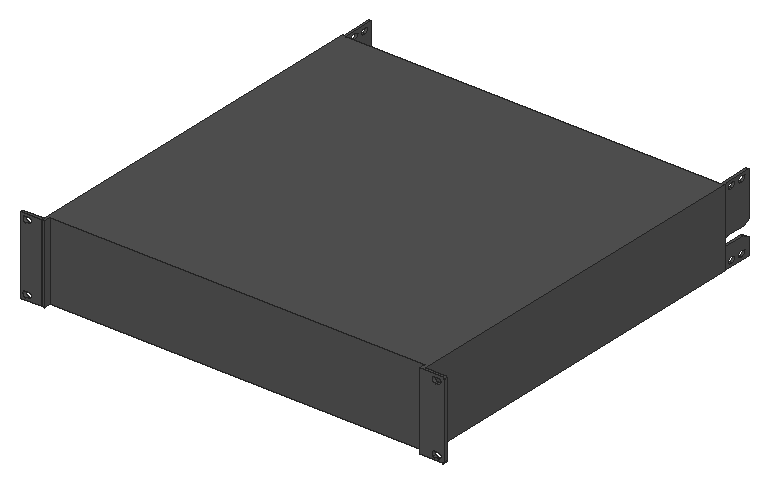
Revit family "D series - 2u", category Communication Devices, Revit 2020
Family settings
  Maintain Annotation Orientation = No
  Round Connector Dimension = Use Diameter
  Part Type = Normal
  Work Plane-Based = No
  Always vertical = Yes
  Cut with Voids When Loaded = No
  Shared = No
  Room Calculation Point = No
Parameters
  Weight (kg) [instance] = 16.5  # constant formula
  Voltage [instance] = "100-240VAC"  # constant formula
  Thermal Load in Standby (BTU/hr) [instance] = 61  # constant formula
  Thermal Load Max (BTU/hr) [instance] = 6245  # constant formula
  Model = "D200:4L, D120:4L, D80:4L"
  Manufacturer = "Lab Gruppen"
  Default Elevation = 0 mm
  Current Draw (Max) [instance] = 30  # constant formula
Reference planes
  plane 1 "Center (Front/Back)": y = 0
  plane 2: z = 0
  plane 3 "Center (Left/Right)": x = 0
Forms (mm)
  Extrusion 1, solid, material "Aluminium, Black"
    sketch origin (0, 0, 0) x (1, 0, 0) y (0, 0, 1)
      loop
        line (217.3, 0) -> (217.3, 88) -> (-217.3, 88) -> (-217.3, 0) -> (217.3, 0)
    from 3 to -425.4
  Extrusion 2, solid, material "Aluminium, Black"
    sketch origin (0, 0, 0) x (1, 0, 0) y (0, 0, 1)
      loop
        line (217.3, 0) -> (239.3, 0)
        arc (239.3, 0) -> (240.714, 0.586) -> (241.3, 2) r 2
        line (241.3, 2) -> (241.3, 86)
        arc (241.3, 86) -> (240.714, 87.414) -> (239.3, 88) r 2
        line (239.3, 88) -> (217.3, 88) -> (217.3, 0)
    from 0 to 3
  Extrusion 3, void
    sketch origin (0, 0, 0) x (1, 0, 0) y (0, 0, 1)
      loop
        arc (231.4, 85.6) -> (227.9, 82.1) -> (231.4, 78.6) r 3.5
        line (231.4, 78.6) -> (234.4, 78.6)
        arc (234.4, 78.6) -> (237.9, 82.1) -> (234.4, 85.6) r 3.5
        line (234.4, 85.6) -> (231.4, 85.6)
    from 0 to 3
  Extrusion 4, void
    sketch origin (0, 0, 0) x (1, 0, 0) y (0, 0, 1)
      loop
        arc (231.4, 9.4) -> (227.9, 5.9) -> (231.4, 2.4) r 3.5
        line (231.4, 2.4) -> (234.4, 2.4)
        arc (234.4, 2.4) -> (237.9, 5.9) -> (234.4, 9.4) r 3.5
        line (234.4, 9.4) -> (231.4, 9.4)
    from 0 to 3
  Extrusion 5, solid, material "Aluminium, Black"
    sketch origin (0, 0, 0) x (-1, 0, 0) y (0, 0, -1)
      loop
        line (217.3, 0) -> (217.3, -88) -> (239.3, -88)
        arc (239.3, -88) -> (240.714, -87.414) -> (241.3, -86) r 2
        line (241.3, -86) -> (241.3, -2)
        arc (241.3, -2) -> (240.714, -0.586) -> (239.3, 0) r 2
        line (239.3, 0) -> (217.3, 0)
    from 0 to 3
  Extrusion 6, void
    sketch origin (0, 0, 0) x (-1, 0, 0) y (0, 0, -1)
      loop
        line (231.4, -85.6) -> (234.4, -85.6)
        arc (234.4, -85.6) -> (237.9, -82.1) -> (234.4, -78.6) r 3.5
        line (234.4, -78.6) -> (231.4, -78.6)
        arc (231.4, -78.6) -> (227.9, -82.1) -> (231.4, -85.6) r 3.5
    from 0 to 3
  Extrusion 7, void
    sketch origin (0, 0, 0) x (-1, 0, 0) y (0, 0, -1)
      loop
        line (231.4, -9.4) -> (234.4, -9.4)
        arc (234.4, -9.4) -> (237.9, -5.9) -> (234.4, -2.4) r 3.5
        line (234.4, -2.4) -> (231.4, -2.4)
        arc (231.4, -2.4) -> (227.9, -5.9) -> (231.4, -9.4) r 3.5
    from 0 to 3
  Extrusion 8, solid, material "Aluminium, Black"
    sketch origin (-1.3, 0, 0) x (1, 0, 0) y (0, 0, 1)
      loop
        line (217.3, 0) -> (217.3, 88) -> (214.5, 88) -> (214.5, 0) -> (217.3, 0)
    from -425.4 to -460.7
  Extrusion 9, solid, material "Aluminium, Black"
    sketch origin (1.3, 0, 0) x (-1, 0, 0) y (0, 0, -1)
      loop
        line (217.3, 0) -> (214.5, 0) -> (214.5, -88) -> (217.3, -88) -> (217.3, 0)
    from -425.4 to -460.7
  Extrusion 10, void
    sketch origin (0, 0, 0) x (1, 0, 0) y (0, 0, 1)
      loop
        line (213, 0) -> (213, 88) -> (-213, 88) -> (-213, 0) -> (213, 0)
    from 3 to -4.2
  Extrusion 11, void
    sketch origin (217.3, -3, 88) x (0, 0, -1) y (0, 1, 0)
      loop
        arc (2.4, 452.7) -> (5.9, 449.2) -> (9.4, 452.7) r 3.5
        line (9.4, 452.7) -> (9.4, 455.7)
        arc (9.4, 455.7) -> (5.9, 459.2) -> (2.4, 455.7) r 3.5
        line (2.4, 455.7) -> (2.4, 452.7)
    from -1.3 to -4.1
  Extrusion 12, void
    sketch origin (217.3, -3, 88) x (0, 0, -1) y (0, 1, 0)
      loop
        arc (2.4, 438.2) -> (5.9, 434.7) -> (9.4, 438.2) r 3.5
        line (9.4, 438.2) -> (9.4, 441.2)
        arc (9.4, 441.2) -> (5.9, 444.7) -> (2.4, 441.2) r 3.5
        line (2.4, 441.2) -> (2.4, 438.2)
    from -1.3 to -4.1
  Extrusion 13, void
    sketch origin (217.3, -3, 88) x (0, 0, -1) y (0, 1, 0)
      loop
        arc (78.6, 452.7) -> (82.1, 449.2) -> (85.6, 452.7) r 3.5
        line (85.6, 452.7) -> (85.6, 455.7)
        arc (85.6, 455.7) -> (82.1, 459.2) -> (78.6, 455.7) r 3.5
        line (78.6, 455.7) -> (78.6, 452.7)
    from -1.3 to -4.1
  Extrusion 14, void
    sketch origin (217.3, -3, 88) x (0, 0, -1) y (0, 1, 0)
      loop
        arc (78.6, 438.2) -> (82.1, 434.7) -> (85.6, 438.2) r 3.5
        line (85.6, 438.2) -> (85.6, 441.2)
        arc (85.6, 441.2) -> (82.1, 444.7) -> (78.6, 441.2) r 3.5
        line (78.6, 441.2) -> (78.6, 438.2)
    from -1.3 to -4.1
  Extrusion 15, void
    sketch origin (217.3, -3, 88) x (0, 0, -1) y (0, 1, 0)
      loop
        line (69.241, 463.7) -> (50.758, 463.7) -> (54.8, 456.7) -> (54.8, 433.7)
        arc (54.8, 433.7) -> (60, 428.5) -> (65.2, 433.7) r 5.2
        line (65.2, 433.7) -> (65.2, 456.7) -> (69.241, 463.7)
    from -1.3 to -4.1
  Extrusion 16, void
    sketch origin (-217.3, -3, 0) x (0, 0, 1) y (0, 1, 0)
      loop
        arc (85.6, 455.7) -> (82.1, 459.2) -> (78.6, 455.7) r 3.5
        line (78.6, 455.7) -> (78.6, 452.7)
        arc (78.6, 452.7) -> (82.1, 449.2) -> (85.6, 452.7) r 3.5
        line (85.6, 452.7) -> (85.6, 455.7)
    from -1.3 to -4.1
  Extrusion 17, void
    sketch origin (-217.3, -3, 0) x (0, 0, 1) y (0, 1, 0)
      loop
        arc (85.6, 441.2) -> (82.1, 444.7) -> (78.6, 441.2) r 3.5
        line (78.6, 441.2) -> (78.6, 438.2)
        arc (78.6, 438.2) -> (82.1, 434.7) -> (85.6, 438.2) r 3.5
        line (85.6, 438.2) -> (85.6, 441.2)
    from -1.3 to -4.1
  Extrusion 18, void
    sketch origin (-217.3, -3, 0) x (0, 0, 1) y (0, 1, 0)
      loop
        arc (9.4, 455.7) -> (5.9, 459.2) -> (2.4, 455.7) r 3.5
        line (2.4, 455.7) -> (2.4, 452.7)
        arc (2.4, 452.7) -> (5.9, 449.2) -> (9.4, 452.7) r 3.5
        line (9.4, 452.7) -> (9.4, 455.7)
    from -1.3 to -4.1
  Extrusion 19, void
    sketch origin (-217.3, -3, 0) x (0, 0, 1) y (0, 1, 0)
      loop
        arc (9.4, 441.2) -> (5.9, 444.7) -> (2.4, 441.2) r 3.5
        line (2.4, 441.2) -> (2.4, 438.2)
        arc (2.4, 438.2) -> (5.9, 434.7) -> (9.4, 438.2) r 3.5
        line (9.4, 438.2) -> (9.4, 441.2)
    from -1.3 to -4.1
  Extrusion 20, void
    sketch origin (-217.3, -3, 0) x (0, 0, 1) y (0, 1, 0)
      loop
        line (37.241, 463.7) -> (18.758, 463.7) -> (22.8, 456.7) -> (22.8, 433.7)
        arc (22.8, 433.7) -> (28, 428.5) -> (33.2, 433.7) r 5.2
        line (33.2, 433.7) -> (33.2, 456.7) -> (37.241, 463.7)
    from -1.3 to -4.1
Cuts and joins
  Extrusion 10, Extrusion 11, Extrusion 12, Extrusion 13, Extrusion 14, Extrusion 15, Extrusion 16, Extrusion 17, Extrusion 18, Extrusion 19, Extrusion 20 cuts Extrusion 1
  Extrusion 3, Extrusion 4, Extrusion 6, Extrusion 7, Extrusion 10, Extrusion 11, Extrusion 12, Extrusion 13, Extrusion 14, Extrusion 15, Extrusion 16, Extrusion 17, Extrusion 18, Extrusion 19, Extrusion 20 cuts Extrusion 2
  Extrusion 10, Extrusion 11, Extrusion 12, Extrusion 13, Extrusion 14, Extrusion 15, Extrusion 16, Extrusion 17, Extrusion 18, Extrusion 19, Extrusion 20 cuts Extrusion 8
  Extrusion 10, Extrusion 11, Extrusion 12, Extrusion 13, Extrusion 14, Extrusion 15, Extrusion 16, Extrusion 17, Extrusion 18, Extrusion 19, Extrusion 20 cuts Extrusion 9
  joined: Extrusion 1, Extrusion 2, Extrusion 8, Extrusion 9
  Extrusion 6, Extrusion 7, Extrusion 10, Extrusion 11, Extrusion 12, Extrusion 13, Extrusion 14, Extrusion 15, Extrusion 16, Extrusion 17, Extrusion 18, Extrusion 19, Extrusion 20 cuts Extrusion 5
Lines and regions (mm)
  Split face 1
    outline origin (213, 4.2, 0) x (0, 0, 1) y (-1, 0, 0)
      loop
        line (60.75, 426) -> (60.75, 419.8)
        arc (60.75, 419.8) -> (58.905, 415.345) -> (54.45, 413.5) r 6.3
        line (54.45, 413.5) -> (33.55, 413.5)
        arc (33.55, 413.5) -> (29.095, 415.345) -> (27.25, 419.8) r 6.3
        line (27.25, 419.8) -> (27.25, 426)
  Split face 2
    outline origin (213, 4.2, 0) x (0, 0, 1) y (-1, 0, 0)
      loop
        line (27.25, 0) -> (27.25, 6.2)
        arc (27.25, 6.2) -> (29.095, 10.655) -> (33.55, 12.5) r 6.3
        line (33.55, 12.5) -> (54.45, 12.5)
        arc (54.45, 12.5) -> (58.905, 10.655) -> (60.75, 6.2) r 6.3
        line (60.75, 6.2) -> (60.75, 0)
  Split face 3
    outline origin (213, 4.2, 0) x (0, 0, 1) y (-1, 0, 0)
      loop
        arc (60.75, 274.966) -> (58.97, 279.54) -> (54.45, 281.45) r 6.303
        line (54.45, 281.45) -> (33.55, 281.45)
        arc (33.55, 281.45) -> (29.095, 279.605) -> (27.25, 275.15) r 6.3
        line (27.25, 275.15) -> (27.25, 150.85)
        arc (27.25, 150.85) -> (29.095, 146.395) -> (33.55, 144.55) r 6.3
        line (33.55, 144.55) -> (54.45, 144.55)
        arc (54.45, 144.55) -> (58.905, 146.395) -> (60.75, 150.85) r 6.3
        line (60.75, 150.85) -> (60.75, 274.966)
  Split face 4
    outline origin (213, 4.2, 0) x (0, 0, 1) y (-1, 0, 0)
      loop
        arc (54.3, 147.7) -> (56.633, 148.666) -> (57.6, 151) r 3.3
        line (57.6, 151) -> (57.6, 274.966)
        arc (57.6, 274.966) -> (56.645, 277.322) -> (54.3, 278.3) r 3.3
        line (54.3, 278.3) -> (33.7, 278.3)
        arc (33.7, 278.3) -> (31.366, 277.333) -> (30.4, 275) r 3.3
        line (30.4, 275) -> (30.4, 151)
        arc (30.4, 151) -> (31.366, 148.666) -> (33.7, 147.7) r 3.3
        line (33.7, 147.7) -> (54.3, 147.7)
  Split face 5
    outline origin (213, 4.2, 0.2) x (0, 0, 1) y (-1, 0, 0)
      loop
        arc (41.284, 264.5) -> (40.351, 266.751) -> (38.1, 267.684) r 3.184
        line (38.1, 267.684) -> (33.6, 267.684)
        arc (33.6, 267.684) -> (31.349, 266.751) -> (30.416, 264.5) r 3.184
        line (30.416, 264.5) -> (30.416, 257.5)
        arc (30.416, 257.5) -> (31.349, 255.249) -> (33.6, 254.316) r 3.184
        line (33.6, 254.316) -> (38.1, 254.316)
        arc (38.1, 254.316) -> (40.351, 255.249) -> (41.284, 257.5) r 3.184
        line (41.284, 257.5) -> (41.284, 264.5)
  Split face 6
    outline origin (213, 4.2, 0.2) x (0, 0, 1) y (-1, 0, 0)
      loop
        arc (33.6, 242.684) -> (31.349, 241.751) -> (30.416, 239.5) r 3.184
        line (30.416, 239.5) -> (30.416, 232.5)
        arc (30.416, 232.5) -> (31.349, 230.249) -> (33.6, 229.316) r 3.184
        line (33.6, 229.316) -> (38.1, 229.316)
        arc (38.1, 229.316) -> (40.351, 230.249) -> (41.284, 232.5) r 3.184
        line (41.284, 232.5) -> (41.284, 239.5)
        arc (41.284, 239.5) -> (40.351, 241.751) -> (38.1, 242.684) r 3.184
        line (38.1, 242.684) -> (33.6, 242.684)
  Split face 7
    outline origin (213, 4.2, 0.2) x (0, 0, 1) y (-1, 0, 0)
      loop
        arc (33.6, 223.684) -> (31.349, 222.751) -> (30.416, 220.5) r 3.184
        line (30.416, 220.5) -> (30.416, 213.5)
        arc (30.416, 213.5) -> (31.349, 211.249) -> (33.6, 210.316) r 3.184
        line (33.6, 210.316) -> (38.1, 210.316)
        arc (38.1, 210.316) -> (40.351, 211.249) -> (41.284, 213.5) r 3.184
        line (41.284, 213.5) -> (41.284, 220.5)
        arc (41.284, 220.5) -> (40.351, 222.751) -> (38.1, 223.684) r 3.184
        line (38.1, 223.684) -> (33.6, 223.684)
  Split face 8
    outline origin (213, 4.2, 0.2) x (0, 0, 1) y (-1, 0, 0)
      loop
        arc (33.6, 204.684) -> (31.349, 203.751) -> (30.416, 201.5) r 3.184
        line (30.416, 201.5) -> (30.416, 194.5)
        arc (30.416, 194.5) -> (31.349, 192.249) -> (33.6, 191.316) r 3.184
        line (33.6, 191.316) -> (38.1, 191.316)
        arc (38.1, 191.316) -> (40.351, 192.249) -> (41.284, 194.5) r 3.184
        line (41.284, 194.5) -> (41.284, 201.5)
        arc (41.284, 201.5) -> (40.351, 203.751) -> (38.1, 204.684) r 3.184
        line (38.1, 204.684) -> (33.6, 204.684)
  Split face 9
    outline origin (213, 4.2, 0.2) x (0, 0, 1) y (-1, 0, 0)
      loop
        arc (33.6, 185.684) -> (31.338, 184.757) -> (30.4, 182.5) r 3.184
        line (30.4, 182.5) -> (30.4, 175.5)
        arc (30.4, 175.5) -> (31.343, 173.248) -> (33.6, 172.316) r 3.2
        line (33.6, 172.316) -> (38.1, 172.316)
        arc (38.1, 172.316) -> (40.351, 173.249) -> (41.284, 175.5) r 3.184
        line (41.284, 175.5) -> (41.284, 182.5)
        arc (41.284, 182.5) -> (40.351, 184.751) -> (38.1, 185.684) r 3.184
        line (38.1, 185.684) -> (33.6, 185.684)
  Split face 10
    outline origin (213, 4.2, 0) x (0, 0, 1) y (-1, 0, 0)
      loop
        arc (33.843, 161.367) -> (31.581, 160.441) -> (30.643, 158.184) r 3.184
        line (30.643, 158.184) -> (30.643, 151.184)
        arc (30.643, 151.184) -> (31.586, 148.931) -> (33.843, 148) r 3.2
        line (33.843, 148) -> (38.343, 148)
        arc (38.343, 148) -> (40.594, 148.932) -> (41.527, 151.183) r 3.184
        line (41.527, 151.183) -> (41.527, 158.184)
        arc (41.527, 158.184) -> (40.594, 160.435) -> (38.343, 161.367) r 3.184
        line (38.343, 161.367) -> (33.843, 161.367)
  Split face 11
    outline origin (213, 4.2, 0) x (0, 0, 1) y (-1, 0, 0)
      loop
        line (88, 408) -> (0, 408)
  Split face 12
    outline origin (213, 4.2, 0) x (0, 0, 1) y (-1, 0, 0)
      loop
        line (88, 18) -> (0, 18)
  Split face 13
    outline origin (213, 4.2, 0) x (0, 0, 1) y (-1, 0, 0)
      loop
        line (49.9, 323) -> (49.9, 378.4) -> (38.1, 378.4) -> (38.1, 323) -> (49.9, 323)
  Split face 14
    outline origin (213, 4.2, 0) x (0, 0, 1) y (-1, 0, 0)
      loop
        line (49.9, 47.6) -> (49.9, 103.132) -> (38.1, 103.132) -> (38.1, 47.6) -> (49.9, 47.6)
  Split face 15
    outline origin (213, 4.2, 0) x (0, 0, 1) y (-1, 0, 0)
      loop
        line (64.018, 132.6) -> (64.018, 293.446) -> (24.018, 293.446) -> (24.018, 132.6) -> (64.018, 132.6)
  Split face 16
    outline origin (216, 425.4, 0) x (-1, 0, 0) y (0, 0, 1)
      loop
        line (10.149, 10.201) -> (14.149, 10.201) -> (14.149, 40.201) -> (10.149, 40.201) -> (10.149, 10.201)
  Split face 17
    outline origin (216, 425.4, 0) x (-1, 0, 0) y (0, 0, 1)
      loop
        line (15.899, 10.201) -> (19.899, 10.201) -> (19.899, 40.201) -> (15.899, 40.201) -> (15.899, 10.201)
  Split face 18
    outline origin (216, 425.4, 0) x (-1, 0, 0) y (0, 0, 1)
      loop
        line (21.649, 10.201) -> (25.649, 10.201) -> (25.649, 37.701) -> (21.649, 37.701) -> (21.649, 10.201)
  Split face 19
    outline origin (216, 425.4, 0) x (-1, 0, 0) y (0, 0, 1)
      loop
        line (27.399, 10.201) -> (31.399, 10.201) -> (31.399, 40.201) -> (27.399, 40.201) -> (27.399, 10.201)
  Split face 20
    outline origin (216, 425.4, 0) x (-1, 0, 0) y (0, 0, 1)
      loop
        line (33.149, 10.201) -> (37.149, 10.201) -> (37.149, 40.201) -> (33.149, 40.201) -> (33.149, 10.201)
  Split face 21
    outline origin (216, 425.4, 0) x (-1, 0, 0) y (0, 0, 1)
      loop
        line (38.899, 10.201) -> (42.899, 10.201) -> (42.899, 40.201) -> (38.899, 40.201) -> (38.899, 10.201)
  Split face 22
    outline origin (216, 425.4, 0) x (-1, 0, 0) y (0, 0, 1)
      loop
        line (44.649, 10.201) -> (48.649, 10.201) -> (48.649, 40.201) -> (44.649, 40.201) -> (44.649, 10.201)
  Split face 23
    outline origin (216, 425.4, 0) x (-1, 0, 0) y (0, 0, 1)
      loop
        line (50.399, 10.201) -> (54.411, 10.201) -> (54.411, 40.201) -> (50.399, 40.201) -> (50.399, 10.201)
  Split face 24
    outline origin (216, 425.4, 0) x (-1, 0, 0) y (0, 0, 1)
      loop
        line (56.149, 10.201) -> (60.149, 10.201) -> (60.149, 40.201) -> (56.149, 40.201) -> (56.149, 10.201)
  Split face 25
    outline origin (216, 425.4, 0) x (-1, 0, 0) y (0, 0, 1)
      loop
        line (61.899, 10.201) -> (65.899, 10.201) -> (65.899, 40.201) -> (61.899, 40.201) -> (61.899, 10.201)
  Split face 26
    outline origin (216, 425.4, 0) x (-1, 0, 0) y (0, 0, 1)
      loop
        line (67.649, 10.201) -> (71.649, 10.201) -> (71.649, 40.201) -> (67.649, 40.201) -> (67.649, 10.201)
  Split face 27
    outline origin (216, 425.4, 0) x (-1, 0, 0) y (0, 0, 1)
      loop
        line (73.399, 10.201) -> (77.399, 10.201) -> (77.399, 40.201) -> (73.399, 40.201) -> (73.399, 10.201)
  Split face 28
    outline origin (216, 425.4, 0) x (-1, 0, 0) y (0, 0, 1)
      loop
        line (79.149, 10.201) -> (83.171, 10.201) -> (83.171, 40.201) -> (79.149, 40.201) -> (79.149, 10.201)
  Split face 29
    outline origin (216, 425.4, 0) x (-1, 0, 0) y (0, 0, 1)
      loop
        line (84.899, 10.201) -> (88.899, 10.201) -> (88.899, 40.201) -> (84.899, 40.201) -> (84.899, 10.201)
  Split face 30
    outline origin (216, 425.4, 0) x (-1, 0, 0) y (0, 0, 1)
      loop
        line (90.649, 10.201) -> (94.649, 10.201) -> (94.649, 40.201) -> (90.649, 40.201) -> (90.649, 10.201)
  Split face 31
    outline origin (216, 425.4, 0) x (-1, 0, 0) y (0, 0, 1)
      loop
        line (96.399, 10.201) -> (100.399, 10.201) -> (100.399, 40.201) -> (96.399, 40.201) -> (96.399, 10.201)
  Split face 32
    outline origin (216, 425.4, 0) x (-1, 0, 0) y (0, 0, 1)
      loop
        line (102.149, 10.201) -> (106.132, 10.201) -> (106.132, 40.201) -> (102.149, 40.201) -> (102.149, 10.201)
  Split face 33
    outline origin (216, 425.4, 0) x (-1, 0, 0) y (0, 0, 1)
      loop
        line (107.899, 10.201) -> (111.899, 10.201) -> (111.899, 40.201) -> (107.899, 40.201) -> (107.899, 10.201)
  Split face 34
    outline origin (216, 425.4, 0) x (-1, 0, 0) y (0, 0, 1)
      loop
        line (113.649, 10.201) -> (117.649, 10.201) -> (117.649, 40.201) -> (113.649, 40.201) -> (113.649, 10.201)
  Split face 35
    outline origin (216, 425.4, 0) x (-1, 0, 0) y (0, 0, 1)
      loop
        line (119.399, 10.201) -> (123.399, 10.201) -> (123.399, 40.201) -> (119.399, 40.201) -> (119.399, 10.201)
  Split face 36
    outline origin (216, 425.4, 0) x (-1, 0, 0) y (0, 0, 1)
      loop
        line (130.3, 10.201) -> (134.3, 10.201) -> (134.3, 37.701) -> (130.3, 37.701) -> (130.3, 10.201)
  Split face 37
    outline origin (216, 425.4, 0) x (-1, 0, 0) y (0, 0, 1)
      loop
        line (136.1, 10.201) -> (140.1, 10.201) -> (140.1, 40.201) -> (136.1, 40.201) -> (136.1, 10.201)
  Split face 38
    outline origin (216, 425.4, 0) x (-1, 0, 0) y (0, 0, 1)
      loop
        line (141.85, 10.201) -> (145.85, 10.201) -> (145.85, 40.201) -> (141.85, 40.201) -> (141.85, 10.201)
  Split face 39
    outline origin (216, 425.4, 0) x (-1, 0, 0) y (0, 0, 1)
      loop
        line (147.6, 10.201) -> (151.6, 10.201) -> (151.6, 40.2) -> (147.6, 40.2) -> (147.6, 10.201)
  Split face 40
    outline origin (216, 425.4, 0) x (-1, 0, 0) y (0, 0, 1)
      loop
        line (153.35, 10.201) -> (157.35, 10.201) -> (157.35, 40.2) -> (153.35, 40.2) -> (153.35, 10.201)
  Split face 41
    outline origin (216, 425.4, 0) x (-1, 0, 0) y (0, 0, 1)
      loop
        line (159.1, 10.201) -> (163.1, 10.201) -> (163.1, 40.2) -> (159.1, 40.2) -> (159.1, 10.201)
  Split face 42
    outline origin (216, 425.4, 0) x (-1, 0, 0) y (0, 0, 1)
      loop
        line (164.85, 10.201) -> (168.85, 10.201) -> (168.85, 40.201) -> (164.85, 40.201) -> (164.85, 10.201)
  Split face 43
    outline origin (216, 425.4, 0) x (-1, 0, 0) y (0, 0, 1)
      loop
        line (170.6, 10.201) -> (174.6, 10.201) -> (174.6, 40.2) -> (170.6, 40.2) -> (170.6, 10.201)
  Split face 44
    outline origin (216, 425.4, 0) x (-1, 0, 0) y (0, 0, 1)
      loop
        line (176.35, 10.201) -> (180.35, 10.201) -> (180.35, 40.201) -> (176.35, 40.201) -> (176.35, 10.201)
  Split face 45
    outline origin (216, 425.4, 0) x (-1, 0, 0) y (0, 0, 1)
      loop
        line (182.1, 10.201) -> (186.1, 10.201) -> (186.1, 40.201) -> (182.1, 40.201) -> (182.1, 10.201)
  Split face 46
    outline origin (216, 425.4, 0) x (-1, 0, 0) y (0, 0, 1)
      loop
        line (187.85, 10.201) -> (191.85, 10.201) -> (191.85, 40.2) -> (187.85, 40.2) -> (187.85, 10.201)
  Split face 47
    outline origin (216, 425.4, 0) x (-1, 0, 0) y (0, 0, 1)
      loop
        line (193.6, 10.2) -> (197.6, 10.2) -> (197.6, 40.2) -> (193.6, 40.2) -> (193.6, 10.2)
  Split face 48
    outline origin (216, 425.4, 0) x (-1, 0, 0) y (0, 0, 1)
      loop
        line (199.35, 10.2) -> (203.35, 10.2) -> (203.35, 40.2) -> (199.35, 40.2) -> (199.35, 10.2)
  Split face 49
    outline origin (216, 425.4, 0) x (-1, 0, 0) y (0, 0, 1)
      loop
        line (205.1, 10.201) -> (209.1, 10.201) -> (209.1, 40.2) -> (205.1, 40.2) -> (205.1, 10.201)
  Split face 50
    outline origin (216, 425.4, 0) x (-1, 0, 0) y (0, 0, 1)
      loop
        line (210.85, 10.201) -> (214.85, 10.201) -> (214.85, 40.2) -> (210.85, 40.2) -> (210.85, 10.201)
  Split face 51
    outline origin (216, 425.4, 0) x (-1, 0, 0) y (0, 0, 1)
      loop
        line (216.6, 10.201) -> (220.6, 10.201) -> (220.6, 40.2) -> (216.6, 40.2) -> (216.6, 10.201)
  Split face 52
    outline origin (216, 425.4, 0) x (-1, 0, 0) y (0, 0, 1)
      loop
        line (222.35, 10.201) -> (226.35, 10.201) -> (226.35, 40.2) -> (222.35, 40.2) -> (222.35, 10.201)
  Split face 53
    outline origin (216, 425.4, 0) x (-1, 0, 0) y (0, 0, 1)
      loop
        line (228.1, 10.201) -> (232.1, 10.201) -> (232.1, 40.2) -> (228.1, 40.2) -> (228.1, 10.201)
  Split face 54
    outline origin (216, 425.4, 0) x (-1, 0, 0) y (0, 0, 1)
      loop
        line (233.85, 10.2) -> (237.85, 10.2) -> (237.85, 40.2) -> (233.85, 40.2) -> (233.85, 10.2)
  Split face 55
    outline origin (216, 425.4, 0) x (-1, 0, 0) y (0, 0, 1)
      loop
        line (239.6, 10.2) -> (243.6, 10.2) -> (243.6, 40.201) -> (239.6, 40.201) -> (239.6, 10.2)
  Split face 56
    outline origin (216, 425.4, 0) x (-1, 0, 0) y (0, 0, 1)
      loop
        line (245.35, 10.201) -> (249.35, 10.201) -> (249.35, 40.2) -> (245.35, 40.2) -> (245.35, 10.201)
  Split face 57
    outline origin (216, 425.4, 0) x (-1, 0, 0) y (0, 0, 1)
      loop
        line (251.1, 10.2) -> (255.1, 10.2) -> (255.1, 40.2) -> (251.1, 40.2) -> (251.1, 10.2)
  Split face 58
    outline origin (216, 425.4, 0) x (-1, 0, 0) y (0, 0, 1)
      loop
        line (256.85, 10.201) -> (260.85, 10.201) -> (260.85, 40.2) -> (256.85, 40.2) -> (256.85, 10.201)
  Split face 59
    outline origin (216, 425.4, 0) x (-1, 0, 0) y (0, 0, 1)
      loop
        line (262.6, 10.2) -> (266.6, 10.2) -> (266.6, 40.2) -> (262.6, 40.2) -> (262.6, 10.2)
  Split face 60
    outline origin (216, 425.4, 0) x (-1, 0, 0) y (0, 0, 1)
      loop
        line (268.35, 10.2) -> (272.35, 10.2) -> (272.35, 40.2) -> (268.35, 40.2) -> (268.35, 10.2)
  Split face 61
    outline origin (216, 425.4, 0) x (-1, 0, 0) y (0, 0, 1)
      loop
        line (274.1, 10.2) -> (278.1, 10.2) -> (278.1, 40.2) -> (274.1, 40.2) -> (274.1, 10.2)
  Split face 62
    outline origin (216, 425.4, 0) x (-1, 0, 0) y (0, 0, 1)
      loop
        line (279.85, 10.2) -> (283.849, 10.2) -> (283.849, 40.2) -> (279.85, 40.2) -> (279.85, 10.2)
  Split face 63
    outline origin (216, 425.4, 0) x (-1, 0, 0) y (0, 0, 1)
      loop
        line (274.1, 10.2) -> (278.1, 10.2) -> (278.1, 40.2) -> (274.1, 40.2) -> (274.1, 10.2)
  Split face 64
    outline origin (216, 425.4, 0) x (-1, 0, 0) y (0, 0, 1)
      loop
        line (285.6, 10.2) -> (289.6, 10.2) -> (289.6, 40.201) -> (285.6, 40.201) -> (285.6, 10.2)
  Split face 65
    outline origin (216, 425.4, 0) x (-1, 0, 0) y (0, 0, 1)
      loop
        line (291.35, 10.2) -> (295.35, 10.2) -> (295.35, 40.2) -> (291.35, 40.2) -> (291.35, 10.2)
  Split face 66
    outline origin (216, 425.4, 0) x (-1, 0, 0) y (0, 0, 1)
      loop
        line (297.1, 10.2) -> (301.1, 10.2) -> (301.1, 37.701) -> (297.1, 37.701) -> (297.1, 10.2)
  Split face 67
    outline origin (216, 425.4, 0) x (-1, 0, 0) y (0, 0, 1)
      loop
        line (302.85, 10.2) -> (306.85, 10.2) -> (306.85, 40.2) -> (302.85, 40.2) -> (302.85, 10.2)
  Split face 68
    outline origin (216, 425.4, 0) x (-1, 0, 0) y (0, 0, 1)
      loop
        line (308.6, 10.201) -> (312.599, 10.201) -> (312.599, 40.2) -> (308.6, 40.2) -> (308.6, 10.201)
  Split face 69
    outline origin (216, 425.4, 0) x (-1, 0, 0) y (0, 0, 1)
      loop
        line (314.35, 10.201) -> (318.35, 10.201) -> (318.35, 40.2) -> (314.35, 40.2) -> (314.35, 10.201)
  Split face 70
    outline origin (216, 425.4, 0) x (-1, 0, 0) y (0, 0, 1)
      loop
        line (320.1, 10.2) -> (324.1, 10.2) -> (324.1, 40.2) -> (320.1, 40.2) -> (320.1, 10.2)
  Split face 71
    outline origin (216, 425.4, 0) x (-1, 0, 0) y (0, 0, 1)
      loop
        line (325.85, 10.2) -> (329.85, 10.2) -> (329.85, 40.2) -> (325.85, 40.2) -> (325.85, 10.2)
  Split face 72
    outline origin (216, 425.4, 0) x (-1, 0, 0) y (0, 0, 1)
      loop
        line (331.6, 10.2) -> (335.6, 10.2) -> (335.6, 40.2) -> (331.6, 40.2) -> (331.6, 10.2)
  Split face 73
    outline origin (216, 425.4, 0) x (-1, 0, 0) y (0, 0, 1)
      loop
        line (337.35, 10.2) -> (341.349, 10.2) -> (341.349, 40.201) -> (337.35, 40.201) -> (337.35, 10.2)
  Split face 74
    outline origin (216, 425.4, 0) x (-1, 0, 0) y (0, 0, 1)
      loop
        line (343.1, 10.2) -> (347.1, 10.2) -> (347.1, 40.2) -> (343.1, 40.2) -> (343.1, 10.2)
  Split face 75
    outline origin (216, 425.4, 0) x (-1, 0, 0) y (0, 0, 1)
      loop
        line (348.85, 10.201) -> (352.85, 10.201) -> (352.85, 40.2) -> (348.85, 40.2) -> (348.85, 10.201)
  Split face 76
    outline origin (216, 425.4, 0) x (-1, 0, 0) y (0, 0, 1)
      loop
        line (354.6, 10.2) -> (358.6, 10.2) -> (358.6, 40.2) -> (354.6, 40.2) -> (354.6, 10.2)
  Split face 77
    outline origin (216, 425.4, 0) x (-1, 0, 0) y (0, 0, 1)
      loop
        line (360.35, 10.2) -> (364.35, 10.2) -> (364.35, 40.2) -> (360.35, 40.2) -> (360.35, 10.2)
  Split face 78
    outline origin (216, 425.4, 0) x (-1, 0, 0) y (0, 0, 1)
      loop
        line (366.1, 10.2) -> (370.099, 10.2) -> (370.099, 40.2) -> (366.1, 40.2) -> (366.1, 10.2)
  Split face 79
    outline origin (216, 425.4, 0) x (-1, 0, 0) y (0, 0, 1)
      loop
        line (371.85, 10.2) -> (375.815, 10.2) -> (375.815, 40.2) -> (371.85, 40.2) -> (371.85, 10.2)
  Split face 80
    outline origin (216, 425.4, 0) x (-1, 0, 0) y (0, 0, 1)
      loop
        line (377.599, 10.2) -> (381.6, 10.2) -> (381.6, 40.2) -> (377.599, 40.2) -> (377.599, 10.2)
  Split face 81
    outline origin (216, 425.4, 0) x (-1, 0, 0) y (0, 0, 1)
      loop
        line (383.35, 10.2) -> (387.35, 10.2) -> (387.35, 40.201) -> (383.35, 40.201) -> (383.35, 10.2)
  Split face 82
    outline origin (216, 425.4, 0) x (-1, 0, 0) y (0, 0, 1)
      loop
        line (389.1, 10.2) -> (393.1, 10.2) -> (393.1, 40.2) -> (389.1, 40.2) -> (389.1, 10.2)
  Split face 83
    outline origin (216, 425.4, 0) x (-1, 0, 0) y (0, 0, 1)
      loop
        line (394.85, 10.2) -> (398.849, 10.2) -> (398.849, 40.201) -> (394.85, 40.201) -> (394.85, 10.2)
  Split face 84
    outline origin (216, 425.4, 0) x (-1, 0, 0) y (0, 0, 1)
      loop
        line (400.6, 10.2) -> (404.6, 10.2) -> (404.6, 40.2) -> (400.6, 40.2) -> (400.6, 10.2)
  Split face 85
    outline origin (216, 425.4, 0) x (-1, 0, 0) y (0, 0, 1)
      loop
        line (406.4, 10.201) -> (410.4, 10.201) -> (410.4, 37.701) -> (406.4, 37.701) -> (406.4, 10.201)
  Split face 86
    outline origin (216, 425.4, 0) x (-1, 0, 0) y (0, 0, 1)
      loop
        line (412.2, 10.2) -> (416.2, 10.2) -> (416.2, 40.2) -> (412.2, 40.2) -> (412.2, 10.2)
  Split face 87
    outline origin (216, 425.4, 0) x (-1, 0, 0) y (0, 0, 1)
      loop
        line (417.95, 10.2) -> (421.95, 10.2) -> (421.95, 40.2) -> (417.95, 40.2) -> (417.95, 10.2)
  Split face 88
    outline origin (216, 425.4, 0) x (-1, 0, 0) y (0, 0, 1)
      loop
        line (11.799, 71.101) -> (11.799, 57.701) -> (35.799, 57.701) -> (35.799, 71.101) -> (11.799, 71.101)
  Split face 89
    outline origin (216, 425.4, 0) x (-1, 0, 0) y (0, 0, 1)
      loop
        line (14.419, 69.011) -> (14.419, 61.411) -> (15.22, 61.411)
        arc (15.22, 61.411) -> (18.687, 59.742) -> (22.154, 61.411) r 4.436
        line (22.154, 61.411) -> (25.38, 61.411)
        arc (25.38, 61.411) -> (28.847, 59.742) -> (32.314, 61.411) r 4.436
        line (32.314, 61.411) -> (33.149, 61.411) -> (33.149, 69.011) -> (14.419, 69.011)
  Split face 90
    outline origin (216, 425.4, 0) x (-1, 0, 0) y (0, 0, 1)
      loop
        line (38.799, 57.701) -> (62.799, 57.701) -> (62.799, 71.101) -> (38.799, 71.101) -> (38.799, 57.701)
  Split face 91
    outline origin (216, 425.4, 0) x (-1, 0, 0) y (0, 0, 1)
      loop
        line (41.419, 69.011) -> (41.419, 61.411) -> (42.22, 61.411)
        arc (42.22, 61.411) -> (45.687, 59.742) -> (49.154, 61.411) r 4.436
        line (49.154, 61.411) -> (52.38, 61.411)
        arc (52.38, 61.411) -> (55.847, 59.742) -> (59.314, 61.411) r 4.436
        line (59.314, 61.411) -> (60.149, 61.411) -> (60.149, 69.011) -> (41.419, 69.011)
  Split face 92
    outline origin (216, 425.4, 0) x (-1, 0, 0) y (0, 0, 1)
      loop
        line (72.799, 57.701) -> (96.799, 57.701) -> (96.799, 71.101) -> (72.799, 71.101) -> (72.799, 57.701)
  Split face 93
    outline origin (216, 425.4, 0) x (-1, 0, 0) y (0, 0, 1)
      loop
        line (75.419, 69.011) -> (75.419, 61.411) -> (76.22, 61.411)
        arc (76.22, 61.411) -> (79.687, 59.742) -> (83.154, 61.411) r 4.436
        line (83.154, 61.411) -> (86.38, 61.411)
        arc (86.38, 61.411) -> (89.847, 59.742) -> (93.314, 61.411) r 4.436
        line (93.314, 61.411) -> (94.149, 61.411) -> (94.149, 69.011) -> (75.419, 69.011)
  Split face 94
    outline origin (216, 425.4, 0) x (-1, 0, 0) y (0, 0, 1)
      loop
        line (99.799, 57.701) -> (123.799, 57.701) -> (123.799, 71.101) -> (99.799, 71.101) -> (99.799, 57.701)
  Split face 95
    outline origin (216, 425.4, 0) x (-1, 0, 0) y (0, 0, 1)
      loop
        line (102.448, 69.011) -> (102.448, 61.411) -> (103.249, 61.411)
        arc (103.249, 61.411) -> (106.716, 59.742) -> (110.183, 61.411) r 4.436
        line (110.183, 61.411) -> (113.409, 61.411)
        arc (113.409, 61.411) -> (116.876, 59.742) -> (120.343, 61.411) r 4.436
        line (120.343, 61.411) -> (121.178, 61.411) -> (121.178, 69.011) -> (102.448, 69.011)
  Split face 96
    outline origin (216, 425.4, 0) x (-1, 0, 0) y (0, 0, 1)
      loop
        line (130.78, 56.1) -> (148.78, 56.1) -> (148.78, 65.1) -> (146.08, 65.1) -> (146.08, 67.6) -> (133.48, 67.6) -> (133.48, 65.1) -> (130.78, 65.1) -> (130.78, 56.1)
  Split face 97
    outline origin (216, 425.4, 0) x (-1, 0, 0) y (0, 0, 1)
      loop
        line (156.88, 56.1) -> (174.88, 56.1) -> (174.88, 65.1) -> (172.18, 65.1) -> (172.18, 67.6) -> (159.58, 67.6) -> (159.58, 65.1) -> (156.88, 65.1) -> (156.88, 56.1)
  Split face 98
    outline origin (216, 425.4, 0) x (-1, 0, 0) y (0, 0, 1)
      loop
        line (183.006, 56.1) -> (201.006, 56.1) -> (201.006, 65.1) -> (198.306, 65.1) -> (198.306, 67.6) -> (185.707, 67.6) -> (185.707, 65.1) -> (183.006, 65.1) -> (183.006, 56.1)
  Split face 99
    outline origin (216, 425.4, 0) x (-1, 0, 0) y (0, 0, 1)
      loop
        line (209.08, 56.1) -> (227.08, 56.1) -> (227.08, 65.1) -> (224.38, 65.1) -> (224.38, 67.6) -> (211.78, 67.6) -> (211.78, 65.1) -> (209.08, 65.1) -> (209.08, 56.1)
  Split face 100
    outline origin (216, 425.4, 0) x (-1, 0, 0) y (0, 0, 1)
      loop
        line (238.88, 56.1) -> (256.88, 56.1) -> (256.88, 65.1) -> (254.18, 65.1) -> (254.18, 67.6) -> (241.58, 67.6) -> (241.58, 65.1) -> (238.88, 65.1) -> (238.88, 56.1)
  Split face 101
    outline origin (216, 425.4, 0) x (-1, 0, 0) y (0, 0, 1)
      loop
        line (264.98, 56.1) -> (282.98, 56.1) -> (282.98, 65.1) -> (280.28, 65.1) -> (280.28, 67.6) -> (267.68, 67.6) -> (267.68, 65.1) -> (264.98, 65.1) -> (264.98, 56.1)
  Split face 102
    outline origin (216, 425.4, 0) x (-1, 0, 0) y (0, 0, 1)
      loop
        arc (132.563, 57.764) -> (134.71, 56.949) -> (136.858, 57.764) r 3.237
        line (136.858, 57.764) -> (137.643, 57.764)
        arc (137.643, 57.764) -> (139.791, 56.949) -> (141.938, 57.764) r 3.237
        line (141.938, 57.764) -> (142.72, 57.764)
        arc (142.72, 57.764) -> (144.868, 56.949) -> (147.016, 57.764) r 3.237
        line (147.016, 57.764) -> (147.8, 57.764) -> (147.8, 63.677) -> (131.758, 63.677) -> (131.758, 57.764) -> (132.563, 57.764)
  Split face 103
    outline origin (216, 425.4, 0) x (-1, 0, 0) y (0, 0, 1)
      loop
        arc (158.62, 57.764) -> (160.767, 56.949) -> (162.915, 57.764) r 3.237
        line (162.915, 57.764) -> (163.7, 57.764)
        arc (163.7, 57.764) -> (165.847, 56.949) -> (167.995, 57.764) r 3.237
        line (167.995, 57.764) -> (168.777, 57.764)
        arc (168.777, 57.764) -> (170.925, 56.949) -> (173.072, 57.764) r 3.237
        line (173.072, 57.764) -> (173.857, 57.764) -> (173.857, 63.677) -> (157.815, 63.677) -> (157.815, 57.764) -> (158.62, 57.764)
  Split face 104
    outline origin (216, 425.4, 0) x (-1, 0, 0) y (0, 0, 1)
      loop
        arc (184.765, 57.764) -> (186.913, 56.949) -> (189.06, 57.764) r 3.237
        line (189.06, 57.764) -> (189.845, 57.764)
        arc (189.845, 57.764) -> (191.993, 56.949) -> (194.141, 57.764) r 3.237
        line (194.141, 57.764) -> (194.923, 57.764)
        arc (194.923, 57.764) -> (197.07, 56.949) -> (199.218, 57.764) r 3.237
        line (199.218, 57.764) -> (200.002, 57.764) -> (200.002, 63.677) -> (183.961, 63.677) -> (183.961, 57.764) -> (184.765, 57.764)
  Split face 105
    outline origin (216, 425.4, 0) x (-1, 0, 0) y (0, 0, 1)
      loop
        arc (210.864, 57.764) -> (213.012, 56.949) -> (215.16, 57.764) r 3.237
        line (215.16, 57.764) -> (215.944, 57.764)
        arc (215.944, 57.764) -> (218.092, 56.949) -> (220.24, 57.764) r 3.237
        line (220.24, 57.764) -> (221.022, 57.764)
        arc (221.022, 57.764) -> (223.169, 56.949) -> (225.317, 57.764) r 3.237
        line (225.317, 57.764) -> (226.102, 57.764) -> (226.102, 63.677) -> (210.06, 63.677) -> (210.06, 57.764) -> (210.864, 57.764)
  Split face 106
    outline origin (216, 425.4, 0) x (-1, 0, 0) y (0, 0, 1)
      loop
        arc (240.642, 57.764) -> (242.789, 56.949) -> (244.937, 57.764) r 3.237
        line (244.937, 57.764) -> (245.722, 57.764)
        arc (245.722, 57.764) -> (247.869, 56.949) -> (250.017, 57.764) r 3.237
        line (250.017, 57.764) -> (250.799, 57.764)
        arc (250.799, 57.764) -> (252.947, 56.949) -> (255.094, 57.764) r 3.237
        line (255.094, 57.764) -> (255.879, 57.764) -> (255.879, 63.677) -> (239.837, 63.677) -> (239.837, 57.764) -> (240.642, 57.764)
  Split face 107
    outline origin (216, 425.4, 0) x (-1, 0, 0) y (0, 0, 1)
      loop
        arc (266.748, 57.764) -> (268.896, 56.949) -> (271.043, 57.764) r 3.237
        line (271.043, 57.764) -> (271.828, 57.764)
        arc (271.828, 57.764) -> (273.976, 56.949) -> (276.124, 57.764) r 3.237
        line (276.124, 57.764) -> (276.906, 57.764)
        arc (276.906, 57.764) -> (279.053, 56.949) -> (281.201, 57.764) r 3.237
        line (281.201, 57.764) -> (281.986, 57.764) -> (281.986, 63.677) -> (265.944, 63.677) -> (265.944, 57.764) -> (266.748, 57.764)
  Split face 108
    outline origin (216, 425.4, 0) x (-1, 0, 0) y (0, 0, 1)
      loop
        arc (297.202, 79.805) -> (299.75, 57.701) -> (302.297, 79.805) r 11.199
        arc (302.297, 79.805) -> (302.624, 80.106) -> (303.066, 80.163) r 0.732
        arc (303.066, 80.163) -> (304.754, 82.552) -> (303.066, 84.94) r 2.534
        arc (303.066, 84.94) -> (299.75, 85.509) -> (296.434, 84.94) r 9.944
        arc (296.434, 84.94) -> (294.745, 82.552) -> (296.434, 80.163) r 2.534
        arc (296.434, 80.163) -> (296.875, 80.106) -> (297.202, 79.805) r 0.732
  Split face 109
    outline origin (216, 425.4, 0) x (-1, 0, 0) y (0, 0, 1)
      loop
        arc (322.202, 79.805) -> (324.75, 57.701) -> (327.297, 79.805) r 11.199
        arc (327.297, 79.805) -> (327.624, 80.106) -> (328.066, 80.163) r 0.732
        arc (328.066, 80.163) -> (329.754, 82.552) -> (328.066, 84.94) r 2.534
        arc (328.066, 84.94) -> (324.75, 85.509) -> (321.434, 84.94) r 9.944
        arc (321.434, 84.94) -> (319.745, 82.552) -> (321.434, 80.163) r 2.534
        arc (321.434, 80.163) -> (321.875, 80.106) -> (322.202, 79.805) r 0.732
  Split face 110
    outline origin (216, 425.4, 0) x (-1, 0, 0) y (0, 0, 1)
      loop
        arc (297.202, 79.805) -> (299.75, 57.701) -> (302.297, 79.805) r 11.199
        arc (302.297, 79.805) -> (302.624, 80.106) -> (303.066, 80.163) r 0.732
        arc (303.066, 80.163) -> (304.754, 82.552) -> (303.066, 84.94) r 2.534
        arc (303.066, 84.94) -> (299.75, 85.509) -> (296.434, 84.94) r 9.944
        arc (296.434, 84.94) -> (294.745, 82.552) -> (296.434, 80.163) r 2.534
        arc (296.434, 80.163) -> (296.875, 80.106) -> (297.202, 79.805) r 0.732
  Split face 111
    outline origin (216, 425.4, 0) x (-1, 0, 0) y (0, 0, 1)
      loop
        circle (324.75, 68.9) r 10
  Split face 112
    outline origin (216, 425.4, 0) x (-1, 0, 0) y (0, 0, 1)
      loop
        circle (299.75, 68.9) r 10
  Split face 113
    outline origin (216, 425.4, 0) x (-1, 0, 0) y (0, 0, 1)
      loop
        line (293.85, 72.55) -> (293.85, 65.75) -> (296.45, 65.75) -> (296.45, 63.75) -> (297.9, 63.75) -> (297.9, 62.45) -> (301.6, 62.45) -> (301.6, 63.75) -> (303.05, 63.75) -> (303.05, 65.75) -> (305.65, 65.75) -> (305.65, 72.55) -> (293.85, 72.55)
  Split face 114
    outline origin (216, 425.4, 0) x (-1, 0, 0) y (0, 0, 1)
      loop
        line (318.85, 72.55) -> (318.85, 65.75) -> (321.45, 65.75) -> (321.45, 63.75) -> (322.9, 63.75) -> (322.9, 62.45) -> (326.6, 62.45) -> (326.6, 63.75) -> (328.05, 63.75) -> (328.05, 65.75) -> (330.65, 65.75) -> (330.65, 72.55) -> (318.85, 72.55)
  Split face 115
    outline origin (216, 425.4, 0) x (-1, 0, 0) y (0, 0, 1)
      loop
        circle (404.4, 65.3) r 15.404
  Split face 116
    outline origin (216, 425.4, 0) x (-1, 0, 0) y (0, 0, 1)
      loop
        arc (406.15, 54.633) -> (415.197, 64.789) -> (407.15, 75.754) r 10.81
        line (407.15, 75.754) -> (407.15, 78) -> (401.65, 78) -> (401.65, 75.754)
        arc (401.65, 75.754) -> (393.603, 64.789) -> (402.65, 54.633) r 10.81
        line (402.65, 54.633) -> (402.65, 52.6) -> (406.15, 52.6) -> (406.15, 54.633)
  Split face 117
    outline origin (216, 425.4, 0) x (-1, 0, 0) y (0, 0, 1)
      loop
        circle (404.4, 65.3) r 7.933
  Split face 118
    outline origin (216, 425.4, 0) x (-1, 0, 0) y (0, 0, 1)
      loop
        circle (404.4, 65.3) r 4.6
  Split face 119
    outline origin (216, 425.4, 0) x (-1, 0, 0) y (0, 0, 1)
      loop
        circle (404.4, 65.3) r 1.51
  Split face 120
    outline origin (216, 425.4, 0) x (-1, 0, 0) y (0, 0, 1)
      loop
        line (127.039, 0) -> (127.039, 88)
  Split face 121
    outline origin (-217.3, -3, 88) x (0, 1, 0) y (0, 0, -1)
      loop
        line (415.1, 9) -> (415.1, 27) -> (411.1, 27) -> (411.1, 9) -> (415.1, 9)
  Split face 122
    outline origin (-217.3, -3, 88) x (0, 1, 0) y (0, 0, -1)
      loop
        line (409.1, 9) -> (409.1, 27) -> (405.1, 27) -> (405.1, 9) -> (409.1, 9)
  Split face 123
    outline origin (-217.3, -3, 88) x (0, 1, 0) y (0, 0, -1)
      loop
        line (403.1, 9) -> (403.1, 27) -> (399.1, 27) -> (399.1, 9) -> (403.1, 9)
  Split face 124
    outline origin (-217.3, -3, 88) x (0, 1, 0) y (0, 0, -1)
      loop
        line (397.1, 9) -> (397.1, 27) -> (393.1, 27) -> (393.1, 9) -> (397.1, 9)
  Split face 125
    outline origin (-217.3, -3, 88) x (0, 1, 0) y (0, 0, -1)
      loop
        line (391.1, 9) -> (391.1, 27) -> (387.1, 27) -> (387.1, 9) -> (391.1, 9)
  Split face 126
    outline origin (-217.3, -3, 88) x (0, 1, 0) y (0, 0, -1)
      loop
        line (385.1, 9) -> (385.1, 27) -> (381.1, 27) -> (381.1, 9) -> (385.1, 9)
  Split face 127
    outline origin (-217.3, -3, 88) x (0, 1, 0) y (0, 0, -1)
      loop
        line (379.1, 9) -> (379.1, 27) -> (375.1, 27) -> (375.1, 9) -> (379.1, 9)
  Split face 128
    outline origin (217.3, -3, 0) x (0, 1, 0) y (0, 0, 1)
      loop
        line (375.1, 79) -> (375.1, 61) -> (379.1, 61) -> (379.1, 79) -> (375.1, 79)
  Split face 129
    outline origin (217.3, -3, 0) x (0, 1, 0) y (0, 0, 1)
      loop
        line (381.1, 79) -> (381.1, 61) -> (385.1, 61) -> (385.1, 79) -> (381.1, 79)
  Split face 130
    outline origin (217.3, -3, 0) x (0, 1, 0) y (0, 0, 1)
      loop
        line (387.1, 79) -> (387.1, 61) -> (391.1, 61) -> (391.1, 79) -> (387.1, 79)
  Split face 131
    outline origin (217.3, -3, 0) x (0, 1, 0) y (0, 0, 1)
      loop
        line (393.1, 79) -> (393.1, 61) -> (397.1, 61) -> (397.1, 79) -> (393.1, 79)
  Split face 132
    outline origin (217.3, -3, 0) x (0, 1, 0) y (0, 0, 1)
      loop
        line (399.1, 79) -> (399.1, 61) -> (403.1, 61) -> (403.1, 79) -> (399.1, 79)
  Split face 133
    outline origin (217.3, -3, 0) x (0, 1, 0) y (0, 0, 1)
      loop
        line (405.1, 79) -> (405.1, 61) -> (409.1, 61) -> (409.1, 79) -> (405.1, 79)
  Split face 134
    outline origin (217.3, -3, 0) x (0, 1, 0) y (0, 0, 1)
      loop
        line (411.1, 79) -> (411.1, 61) -> (415.1, 61) -> (415.1, 79) -> (411.1, 79)
  Split face 135
    outline origin (213, 4.2, 0) x (0, 0, 1) y (-1, 0, 0)
      loop
        circle (52.992, 263.992) r 0.95
  Split face 136
    outline origin (213, 4.2, 0) x (0, 0, 1) y (-1, 0, 0)
      loop
        circle (47.992, 263.992) r 0.95
  Split face 137
    outline origin (213, 4.2, 0) x (0, 0, 1) y (-1, 0, 0)
      loop
        circle (42.992, 263.992) r 0.95
  Split face 138
    outline origin (213, 4.2, 0) x (0, 0, 1) y (-1, 0, 0)
      loop
        circle (37.992, 263.992) r 0.95
  Split face 139
    outline origin (213, 4.2, 0) x (0, 0, 1) y (-1, 0, 0)
      loop
        circle (52.992, 238.992) r 0.95
  Split face 140
    outline origin (213, 4.2, 0) x (0, 0, 1) y (-1, 0, 0)
      loop
        circle (47.992, 238.992) r 0.95
  Split face 141
    outline origin (213, 4.2, 0) x (0, 0, 1) y (-1, 0, 0)
      loop
        circle (42.992, 238.992) r 0.95
  Split face 142
    outline origin (213, 4.2, 0) x (0, 0, 1) y (-1, 0, 0)
      loop
        circle (37.992, 238.992) r 0.95
  Split face 143
    outline origin (213, 4.2, 0) x (0, 0, 1) y (-1, 0, 0)
      loop
        circle (52.992, 219.992) r 0.909
  Split face 144
    outline origin (213, 4.2, 0) x (0, 0, 1) y (-1, 0, 0)
      loop
        circle (47.993, 219.992) r 0.909
  Split face 145
    outline origin (213, 4.2, 0) x (0, 0, 1) y (-1, 0, 0)
      loop
        circle (42.992, 219.992) r 0.909
  Split face 146
    outline origin (213, 4.2, 0) x (0, 0, 1) y (-1, 0, 0)
      loop
        circle (37.992, 219.992) r 0.95
  Split face 147
    outline origin (213, 4.2, 0) x (0, 0, 1) y (-1, 0, 0)
      loop
        circle (52.992, 200.992) r 0.908
  Split face 148
    outline origin (213, 4.2, 0) x (0, 0, 1) y (-1, 0, 0)
      loop
        circle (47.992, 200.992) r 0.908
  Split face 149
    outline origin (213, 4.2, 0) x (0, 0, 1) y (-1, 0, 0)
      loop
        circle (42.992, 200.992) r 0.908
  Split face 150
    outline origin (213, 4.2, 0) x (0, 0, 1) y (-1, 0, 0)
      loop
        circle (37.992, 200.992) r 0.95
  Split face 151
    outline origin (213, 4.2, 0) x (0, 0, 1) y (-1, 0, 0)
      loop
        circle (52.992, 181.992) r 0.95
  Split face 152
    outline origin (213, 4.2, 0) x (0, 0, 1) y (-1, 0, 0)
      loop
        circle (47.993, 181.992) r 0.95
  Split face 153
    outline origin (213, 4.2, 0) x (0, 0, 1) y (-1, 0, 0)
      loop
        circle (42.992, 181.992) r 0.95
  Split face 154
    outline origin (213, 4.2, 0) x (0, 0, 1) y (-1, 0, 0)
      loop
        circle (37.992, 181.992) r 0.95
  Split face 155
    outline origin (213, 4.2, 0) x (0, 0, 1) y (-1, 0, 0)
      loop
        circle (37.992, 157.675) r 0.941
  model lines, detail levels medium+fine
    curve 1: line (-143.911, 4.2, 42.646) -> (-144.164, 4.2, 42.899)
    curve 2: line (-143.911, 4.2, 42.378) -> (-143.911, 4.2, 42.646)
    curve 3: line (-144.164, 4.2, 42.126) -> (-143.911, 4.2, 42.378)
    curve 4: line (-144.409, 4.2, 42.126) -> (-144.164, 4.2, 42.126)
    curve 5: line (-144.661, 4.2, 42.378) -> (-144.409, 4.2, 42.126)
    curve 6: line (-144.661, 4.2, 42.646) -> (-144.661, 4.2, 42.378)
    curve 7: line (-144.409, 4.2, 42.899) -> (-144.661, 4.2, 42.646)
    curve 8: line (-144.164, 4.2, 42.899) -> (-144.409, 4.2, 42.899)
    curve 9: line (-141.549, 4.2, 43.886) -> (-139.427, 4.2, 43.886)
    curve 10: line (-141.635, 4.2, 43.559) -> (-141.635, 4.2, 43.799)
    curve 11: line (-139.834, 4.2, 43.472) -> (-141.549, 4.2, 43.472)
    curve 12: line (-139.921, 4.2, 42.703) -> (-139.79, 4.2, 43.43)
    curve 13: line (-141.184, 4.2, 42.511) -> (-139.921, 4.2, 42.703)
    curve 14: line (-143.105, 4.2, 42.91) -> (-141.184, 4.2, 42.511)
    curve 15: line (-142.989, 4.2, 45.037) -> (-143.105, 4.2, 42.91)
    curve 16: line (-140.579, 4.2, 45.191) -> (-142.989, 4.2, 45.037)
    curve 17: line (-139.943, 4.2, 45.043) -> (-140.579, 4.2, 45.191)
    curve 18: line (-139.833, 4.2, 44.609) -> (-139.943, 4.2, 45.043)
    curve 19: line (-139.429, 4.2, 44.523) -> (-139.739, 4.2, 44.523)
    curve 20: line (-139.444, 4.2, 45.122) -> (-139.345, 4.2, 44.608)
    curve 21: line (-140.128, 4.2, 45.579) -> (-139.444, 4.2, 45.122)
    curve 22: line (-143.54, 4.2, 45.006) -> (-140.128, 4.2, 45.579)
    curve 23: line (-143.546, 4.2, 42.713) -> (-143.54, 4.2, 45.006)
    curve 24: line (-142.893, 4.2, 42.156) -> (-143.546, 4.2, 42.713)
    curve 25: line (-139.375, 4.2, 42.793) -> (-142.893, 4.2, 42.156)
    curve 26: line (-139.317, 4.2, 43.784) -> (-139.375, 4.2, 42.793)
    curve 27: line (-138.876, 4.2, 45.545) -> (-138.876, 4.2, 42.179)
    curve 28: line (-136.756, 4.2, 45.631) -> (-138.789, 4.2, 45.631)
    curve 29: line (-134.918, 4.2, 45.196) -> (-136.756, 4.2, 45.631)
    curve 30: line (-135.39, 4.2, 43.631) -> (-134.918, 4.2, 45.196)
    curve 31: line (-135.029, 4.2, 43.451) -> (-135.39, 4.2, 43.631)
    curve 32: line (-134.87, 4.2, 42.597) -> (-135.029, 4.2, 43.451)
    curve 33: line (-134.87, 4.2, 42.179) -> (-134.87, 4.2, 42.597)
    curve 34: line (-135.255, 4.2, 42.092) -> (-134.956, 4.2, 42.092)
    curve 35: line (-135.342, 4.2, 42.346) -> (-135.342, 4.2, 42.179)
    curve 36: line (-135.342, 4.2, 42.519) -> (-135.342, 4.2, 42.346)
    curve 37: line (-135.363, 4.2, 43.031) -> (-135.342, 4.2, 42.519)
    curve 38: line (-135.74, 4.2, 43.425) -> (-135.363, 4.2, 43.031)
    curve 39: line (-136.668, 4.2, 43.456) -> (-135.74, 4.2, 43.425)
    curve 40: line (-138.317, 4.2, 43.456) -> (-136.668, 4.2, 43.456)
    curve 41: line (-138.404, 4.2, 42.179) -> (-138.404, 4.2, 43.369)
    curve 42: line (-138.789, 4.2, 42.092) -> (-138.491, 4.2, 42.092)
    curve 43: line (-136.756, 4.2, 43.87) -> (-138.317, 4.2, 43.87)
    curve 44: line (-136.582, 4.2, 43.87) -> (-136.756, 4.2, 43.87)
    curve 45: line (-136.331, 4.2, 43.87) -> (-136.582, 4.2, 43.87)
    curve 46: line (-136.158, 4.2, 43.876) -> (-136.331, 4.2, 43.87)
    curve 47: line (-135.363, 4.2, 44.109) -> (-136.158, 4.2, 43.876)
    curve 48: line (-135.459, 4.2, 45.09) -> (-135.363, 4.2, 44.109)
    curve 49: line (-136.668, 4.2, 45.218) -> (-135.459, 4.2, 45.09)
    curve 50: line (-138.317, 4.2, 45.218) -> (-136.668, 4.2, 45.218)
    curve 51: line (-138.404, 4.2, 43.956) -> (-138.404, 4.2, 45.131)
    curve 52: line (-134.306, 4.2, 45.632) -> (-134.007, 4.2, 45.632)
    curve 53: line (-134.392, 4.2, 43.891) -> (-134.392, 4.2, 45.545)
    curve 54: line (-134.355, 4.2, 42.851) -> (-134.392, 4.2, 43.891)
    curve 55: line (-133.756, 4.2, 42.156) -> (-134.355, 4.2, 42.851)
    curve 56: line (-130.885, 4.2, 42.156) -> (-133.756, 4.2, 42.156)
    curve 57: line (-130.243, 4.2, 42.915) -> (-130.885, 4.2, 42.156)
    curve 58: line (-130.216, 4.2, 43.978) -> (-130.243, 4.2, 42.915)
    curve 59: line (-130.216, 4.2, 45.545) -> (-130.216, 4.2, 43.978)
    curve 60: line (-130.602, 4.2, 45.632) -> (-130.303, 4.2, 45.632)
    curve 61: line (-130.687, 4.2, 43.375) -> (-130.688, 4.2, 45.545)
    curve 62: line (-130.8, 4.2, 42.697) -> (-130.687, 4.2, 43.375)
    curve 63: line (-133.581, 4.2, 42.57) -> (-130.8, 4.2, 42.697)
    curve 64: line (-133.92, 4.2, 45.545) -> (-133.581, 4.2, 42.57)
    curve 65: line (-129.718, 4.2, 45.545) -> (-129.718, 4.2, 42.179)
    curve 66: line (-127.074, 4.2, 45.631) -> (-129.631, 4.2, 45.631)
    curve 67: line (-126.066, 4.2, 45.44) -> (-127.074, 4.2, 45.631)
    curve 68: line (-126.045, 4.2, 43.647) -> (-126.066, 4.2, 45.44)
    curve 69: line (-126.857, 4.2, 43.43) -> (-126.045, 4.2, 43.647)
    curve 70: line (-127.478, 4.2, 43.425) -> (-126.857, 4.2, 43.43)
    curve 71: line (-129.158, 4.2, 43.425) -> (-127.478, 4.2, 43.425)
    curve 72: line (-129.245, 4.2, 42.179) -> (-129.245, 4.2, 43.337)
    curve 73: line (-129.631, 4.2, 42.092) -> (-129.332, 4.2, 42.092)
    curve 74: line (-127.478, 4.2, 43.838) -> (-129.158, 4.2, 43.838)
    curve 75: line (-126.406, 4.2, 43.965) -> (-127.478, 4.2, 43.838)
    curve 76: line (-126.396, 4.2, 45.085) -> (-126.406, 4.2, 43.965)
    curve 77: line (-127.478, 4.2, 45.218) -> (-126.396, 4.2, 45.085)
    curve 78: line (-129.158, 4.2, 45.218) -> (-127.478, 4.2, 45.218)
    curve 79: line (-129.245, 4.2, 43.925) -> (-129.245, 4.2, 45.131)
    curve 80: line (-125.452, 4.2, 45.545) -> (-125.452, 4.2, 42.179)
    curve 81: line (-122.808, 4.2, 45.631) -> (-125.364, 4.2, 45.631)
    curve 82: line (-121.8, 4.2, 45.44) -> (-122.808, 4.2, 45.631)
    curve 83: line (-121.78, 4.2, 43.647) -> (-121.8, 4.2, 45.44)
    curve 84: line (-122.591, 4.2, 43.43) -> (-121.78, 4.2, 43.647)
    curve 85: line (-123.212, 4.2, 43.425) -> (-122.591, 4.2, 43.43)
    curve 86: line (-124.893, 4.2, 43.425) -> (-123.212, 4.2, 43.425)
    curve 87: line (-124.979, 4.2, 42.179) -> (-124.979, 4.2, 43.337)
    curve 88: line (-125.364, 4.2, 42.092) -> (-125.066, 4.2, 42.092)
    curve 89: line (-123.212, 4.2, 43.838) -> (-124.893, 4.2, 43.838)
    curve 90: line (-122.14, 4.2, 43.965) -> (-123.212, 4.2, 43.838)
    curve 91: line (-122.13, 4.2, 45.085) -> (-122.14, 4.2, 43.965)
    curve 92: line (-123.212, 4.2, 45.218) -> (-122.13, 4.2, 45.085)
    curve 93: line (-124.893, 4.2, 45.218) -> (-123.212, 4.2, 45.218)
    curve 94: line (-124.979, 4.2, 43.925) -> (-124.979, 4.2, 45.131)
    curve 95: line (-121.174, 4.2, 42.179) -> (-121.174, 4.2, 45.545)
    curve 96: line (-117.79, 4.2, 42.092) -> (-121.088, 4.2, 42.092)
    curve 97: line (-117.703, 4.2, 42.42) -> (-117.703, 4.2, 42.179)
    curve 98: line (-120.616, 4.2, 42.506) -> (-117.79, 4.2, 42.506)
    curve 99: line (-120.702, 4.2, 43.635) -> (-120.702, 4.2, 42.593)
    curve 100: line (-117.923, 4.2, 43.721) -> (-120.616, 4.2, 43.721)
    curve 101: line (-117.837, 4.2, 44.049) -> (-117.837, 4.2, 43.808)
    curve 102: line (-120.616, 4.2, 44.135) -> (-117.923, 4.2, 44.135)
    curve 103: line (-120.702, 4.2, 45.131) -> (-120.702, 4.2, 44.222)
    curve 104: line (-117.795, 4.2, 45.218) -> (-120.616, 4.2, 45.218)
    curve 105: line (-117.709, 4.2, 45.545) -> (-117.709, 4.2, 45.305)
    curve 106: line (-121.088, 4.2, 45.632) -> (-117.795, 4.2, 45.632)
    curve 107: line (-117.283, 4.2, 45.632) -> (-116.671, 4.2, 45.632)
    curve 108: line (-117.369, 4.2, 42.179) -> (-117.369, 4.2, 45.545)
    curve 109: line (-116.984, 4.2, 42.093) -> (-117.283, 4.2, 42.093)
    curve 110: line (-116.897, 4.2, 45.104) -> (-116.897, 4.2, 42.179)
    curve 111: line (-116.73, 4.2, 45.13) -> (-116.897, 4.2, 45.104)
    curve 112: line (-113.769, 4.2, 42.154) -> (-116.73, 4.2, 45.13)
    curve 113: line (-113.621, 4.2, 42.093) -> (-113.769, 4.2, 42.154)
    curve 114: line (-112.993, 4.2, 42.093) -> (-113.621, 4.2, 42.093)
    curve 115: line (-112.907, 4.2, 45.545) -> (-112.907, 4.2, 42.179)
    curve 116: line (-113.292, 4.2, 45.632) -> (-112.993, 4.2, 45.632)
    curve 117: line (-113.379, 4.2, 42.614) -> (-113.379, 4.2, 45.545)
    curve 118: line (-113.552, 4.2, 42.589) -> (-113.379, 4.2, 42.614)
    curve 119: line (-116.523, 4.2, 45.57) -> (-113.552, 4.2, 42.589)
    curve 120: line (-116.671, 4.2, 45.632) -> (-116.523, 4.2, 45.57)
    curve 121: line (-152.217, 4.2, 43.41) -> (-151.309, 4.2, 45.011)
    curve 122: line (-150.359, 4.2, 43.41) -> (-152.217, 4.2, 43.41)
    curve 123: line (-151.259, 4.2, 45.011) -> (-150.359, 4.2, 43.41)
    curve 124: line (-148.977, 4.2, 42.319) -> (-150.79, 4.2, 45.526)
    curve 125: line (-148.974, 4.2, 42.146) -> (-148.977, 4.2, 42.319)
